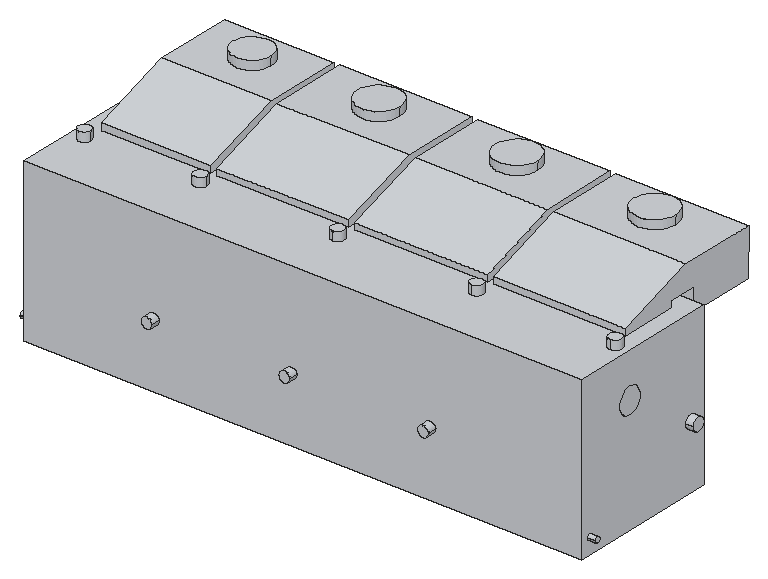
Revit family "a7c36f35d02d40f8828ec58f6e800a68", category Mechanical Equipment, Revit 2021
Family settings
  Round Connector Dimension = Use Radius
  Part Type = Normal
  OmniClass Number = 23.75.10.11.14.11
  OmniClass Title = Cast-Iron Boilers
  Seek Item ID = Gas Fired Boiler - Cast Iron - 1435-1560 MBH-0000-USA-ENU
  Work Plane-Based = No
  Always vertical = Yes
  Cut with Voids When Loaded = No
  Shared = No
  Room Calculation Point = No
Parameters (values of type "1435 MBH")
  Water Flow [instance] = 5.0 GPM
  Vent Radius 4 = 5"
  Vent Radius 3 = 5"
  Vent Radius 2 = 5"
  Vent Radius 1 = 4 1/2"
  Vent Length 4 = 1' - 7 3/4"
  Vent Length 3 = 2' - 8 5/8"
  Vent Length 2 = 2' - 8 5/8"
  Vent Length 1 = 2' - 5 7/8"
  Vent Diameter 4 = Vent Radius 4 * 2  # 10"
  Vent Diameter 3 = Vent Radius 3 * 2  # 10"
  Vent Diameter 1 = Vent Radius 1 * 2  # 9"
  Vent Diameter 2 = Vent Radius 2 * 2  # 10"
  Temperature Rise [instance] = 60 °F
  Supply Length 4 = 2' - 8 3/4"
  Supply Length 3 = 2' - 8 3/4"
  Supply Length 2 = 2' - 8 1/2"
  Supply Length 1 = 2' - 3 83/256"
  Water Pressure Drop [instance] = 11.00 psi
  Output Heat [instance] = 1435200 Btu/h
  Input Heat [instance] = 1794000.0 Btu/h
  Gas Radius = 5/8"
  Gas Flow [instance] = 0.9 GPM
  Gas Diameter = Gas Radius * 2  # 1 1/4"
  Hot Water Radius = 1 1/2"
  Hot Water Diameter = Hot Water Radius * 2  # 3"
  Exhaust Air Flow [instance] = 0 CFM
  Default Elevation = 0' - 0"
  Cold Water Radius = 1 1/2"
  Cold Water Diameter = Cold Water Radius * 2  # 3"
  Drafthood Length 4 = 2' - 7 51/256"
  Drafthood Length 3 = 2' - 7 51/256"
  Drafthood Length 2 = 2' - 7 51/256"
  Drafthood Length 1 = 2' - 1 205/256"
  Boiler Material = none
  Boiler Length = 10' - 11 3/4"
  BHP [instance] = 42.34
  Hot Water Radius 3 = 1 1/2"
  Hot Water Radius 2 = Hot Water Radius 1  # 1 1/2"
  Hot Water Radius 1 = 1 1/2"
  Hot Water Diameter 3 = Hot Water Radius 3 * 2  # 3"
  Hot Water Diameter 2 = Hot Water Radius 2 * 2  # 3"
  Hot Water Diameter 1 = Hot Water Radius 1 * 2  # 3"
  Cold Water Radius 3 = 1 1/4"
  Cold Water Radius 2 = Cold Water Radius 1  # 1 1/4"
  Cold Water Radius 1 = 1 1/4"
  Cold Water Diameter 3 = Cold Water Radius 3 * 2  # 2 1/2"
  Cold Water Diameter 2 = Cold Water Radius 2 * 2  # 2 1/2"
  Cold Water Diameter 1 = Cold Water Radius 1 * 2  # 2 1/2"
Types (3): name | Vent Radius 2 | Vent Radius 1 | Vent Length 2 | Vent Length 1 | Vent Diameter 1 | Vent Diameter 2 | Supply Length 2 | Supply Length 1 | Output Heat | Input Heat | Drafthood Length 2 | Drafthood Length 1 | Boiler Length | BHP
  (no name) | 5" | 4 1/2" | 2' - 8 5/8" | 2' - 5 7/8" | 9" | 10" | 2' - 8 1/2" | 2' - 3 83/256" | 1435200 Btu/h | 1794000.0 Btu/h | 2' - 7 51/256" | 2' - 1 205/256" | 10' - 11 3/4" | 42.34
  1435 MBH | 5" | 4 1/2" | 2' - 8 5/8" | 2' - 5 7/8" | 9" | 10" | 2' - 8 1/2" | 2' - 3 83/256" | 1435200 Btu/h | 1794000.0 Btu/h | 2' - 7 51/256" | 2' - 1 205/256" | 10' - 11 3/4" | 42.34
  1560 MBH | 6" | 5" | 2' - 11 3/8" | 2' - 11 3/8" | 10" | 12" | 3' - 2" | 2' - 8 3/4" | 1560000 Btu/h | 1950000.0 Btu/h | 3' - 0 77/128" | 2' - 7 51/256" | 11' - 10 3/4" | 46.02
Reference planes (in)
  plane 1 "Center (Front/Back)": y = 0
  plane 2: z = 0
  plane 3 "Center (Left/Right)": x = 0
  plane 4: x = 131.75
  plane 5: y = 36
  plane 6: z = 38
  plane 7: z = 4
  plane 8: y = 2
  plane 9: x = -2
  plane 10: y = 31.8125
  plane 11: z = 15.375
  plane 12: x = 3.25
  plane 13: y = 13.75
  plane 14: z = 40
  plane 15: x = 30.57422
  plane 16: x = 112
  plane 17: z = 27.5
  plane 18: y = 14
  plane 19: y = 54.1875
  plane 20: z = 34.1875
  plane 21: z = 45.4375
  plane 22: y = 38
  plane 23: y = 31.4375
  plane 24: y = 18
  plane 25: z = 39.5
  plane 26: y = 35.75
  plane 27: y = 46.1875
  plane 28: z = 47.4375
  plane 29: x = 133.75
  plane 30: y = -2
  plane 31: x = 96.40039
  plane 32: x = 127.59961
  plane 33: x = 95.82422
  plane 34: x = 128.57422
  plane 35: x = 79.375
  plane 36: x = 63.77539
  plane 37: x = 94.97461
  plane 38: x = 46.75
  plane 39: x = 31.15039
  plane 40: x = 62.34961
  plane 41: x = 16.875
  plane 42: x = 3.97461
  plane 43: x = 29.77539
  plane 44: x = 63.07422
  plane 45: x = 95.82422
Forms (in)
  Extrusion 1, solid, material <- "Boiler Material"
    sketch origin (0, 0, 0) x (1, 0, 0) y (0, 1, 0)
      loop
        line (0, 36) -> (0, 0) -> (131.75, 0) -> (131.75, 36) -> (0, 36)
    from 0 to 38
  Extrusion 2, solid, material <- "Boiler Material"
    sketch origin (0, 0, 0) x (0, 1, 0) y (0, 0, 1)
      loop
        circle (2, 4) r 0.625
    from 0 to -2
  Extrusion 3, solid, material <- "Boiler Material"
    sketch origin (0, 0, 0) x (0, 1, 0) y (0, 0, 1)
      loop
        circle (31.8125, 15.375) r 1.5
    from 0 to -2
  Extrusion 4, solid, material <- "Boiler Material"
    sketch origin (0, 0, 0) x (1, 0, 0) y (0, 1, 0)
      loop
        circle (3.25, 13.75) r 1.5
    from 38 to 40
  Extrusion 5, solid, material <- "Boiler Material"
    sketch origin (0, 0, 0) x (1, 0, 0) y (0, 1, 0)
      loop
        circle (30.57422, 13.75) r 1.5
    from 38 to 40
  Extrusion 6, solid, material <- "Boiler Material"
    sketch origin (0, 0, 0) x (0, 1, 0) y (0, 0, 1)
      loop
        circle (14, 27.5) r 3
    from 0 to 112
  Extrusion 7, solid, material <- "Boiler Material", detail levels fine
    sketch origin (0, 0, 0) x (0, 1, 0) y (0, 0, 1)
      loop
        line (18, 38) -> (31.4375, 38) -> (31.4375, 39.5) -> (38, 39.5) -> (38, 34.1875) -> (54.1875, 34.1875) -> (54.1875, 45.4375) -> (35.75, 45.4375) -> (18, 39.5) -> (18, 38)
    from 96.40039 to 127.59961
  Extrusion 8, solid, material <- "Boiler Material"
    sketch origin (0, 0, 0) x (1, 0, 0) y (0, 1, 0)
      loop
        circle (112, 46.1875) r 5
    from 45.4375 to 47.4375
  Extrusion 9, solid, material <- "Boiler Material"
    sketch origin (34, 0, 0) x (0, 1, 0) y (0, 0, -1)
      loop
        circle (31.8125, -15.375) r 1.5
    from -97.75 to -99.75
  Extrusion 10, solid, material <- "Boiler Material"
    sketch origin (44.75, 0, 0) x (0, 1, 0) y (0, 0, -1)
      loop
        circle (14, -27.5) r 3
    from -87 to -67.25
  Extrusion 11, solid, material <- "Boiler Material"
    sketch origin (0, 0, 0) x (1, 0, 0) y (0, 0, 1)
      loop
        circle (30.57422, 15.375) r 1.25
    from 0 to 2
  Extrusion 12, solid, material <- "Boiler Material"
    sketch origin (0, 57.68752, 4) x (0, 1, 0) y (-1, 0, 0)
      loop
        circle (-43.93752, -63.07422) r 1.5
    from 34 to 36
  Extrusion 13, solid, material <- "Boiler Material"
    sketch origin (84.39844, 0, 0) x (0, 1, 0) y (0, 0, -1)
      loop
        circle (2, -4) r 0.625
    from -47.35156 to -49.35156
  Extrusion 14, solid, material <- "Boiler Material", detail levels fine
    sketch origin (115.5, 0, 0) x (0, 1, 0) y (0, 0, -1)
      loop
        line (18, -38) -> (18, -39.5) -> (35.75, -45.4375) -> (54.1875, -45.4375) -> (54.1875, -34.1875) -> (38, -34.1875) -> (38, -39.5) -> (31.4375, -39.5) -> (31.4375, -38) -> (18, -38)
    from 20.52539 to 51.72461
  Extrusion 15, solid, material <- "Boiler Material"
    sketch origin (115.5, 0, 0) x (-1, 0, 0) y (0, -1, 0)
      loop
        circle (36.125, -46.1875) r 5
    from 45.4375 to 47.4375
  Extrusion 16, solid, material <- "Boiler Material", detail levels fine
    sketch origin (-55.94922, 0, 0) x (0, 1, 0) y (0, 0, 1)
      loop
        line (18, 38) -> (31.4375, 38) -> (31.4375, 39.5) -> (38, 39.5) -> (38, 34.1875) -> (54.1875, 34.1875) -> (54.1875, 45.4375) -> (35.75, 45.4375) -> (18, 39.5) -> (18, 38)
    from 87.09961 to 118.29883
  Extrusion 17, solid, material <- "Boiler Material"
    sketch origin (-55.94922, 0, 0) x (1, 0, 0) y (0, 1, 0)
      loop
        circle (102.69922, 46.1875) r 5
    from 45.4375 to 47.4375
  Extrusion 18, solid, material <- "Boiler Material"
    sketch origin (0, 0, 0) x (1, 0, 0) y (0, 0, 1)
      loop
        circle (63.07422, 15.375) r 1.25
    from 0 to 2
  Extrusion 19, solid, material <- "Boiler Material"
    sketch origin (0, 57.68752, 4) x (0, 1, 0) y (-1, 0, 0)
      loop
        circle (-43.93752, -95.82422) r 1.5
    from 34 to 36
  Extrusion 20, solid, material <- "Boiler Material", detail levels fine
    sketch origin (82.75, 0, 0) x (0, 1, 0) y (0, 0, -1)
      loop
        line (18, -38) -> (18, -39.5) -> (35.75, -45.4375) -> (54.1875, -45.4375) -> (54.1875, -34.1875) -> (38, -34.1875) -> (38, -39.5) -> (31.4375, -39.5) -> (31.4375, -38) -> (18, -38)
    from 52.97461 to 78.77539
  Extrusion 21, solid, material <- "Boiler Material"
    sketch origin (82.75, 0, 0) x (-1, 0, 0) y (0, -1, 0)
      loop
        circle (65.875, -46.1875) r 4.5
    from 45.4375 to 47.4375
  Extrusion 22, solid, material <- "Boiler Material"
    sketch origin (0, 0, 0) x (1, 0, 0) y (0, 0, 1)
      loop
        circle (95.82422, 15.375) r 1.25
    from 0 to 2
  Extrusion 23, solid, material <- "Boiler Material"
    sketch origin (0, 57.68752, 4) x (0, 1, 0) y (-1, 0, 0)
      loop
        circle (-43.93752, -128.57422) r 1.5
    from 34 to 36
  Extrusion 24, solid, material <- "Boiler Material", detail levels coarse+medium
    sketch origin (0, 57.68752, 4) x (0, 1, 0) y (-1, 0, 0)
      loop
        line (-3.50002, -3.97461) -> (-21.68752, -3.97461) -> (-21.68752, -127.59961) -> (-3.50002, -127.59961) -> (-3.50002, -3.97461)
    from 30.1875 to 41.4375
  Extrusion 25, solid, material <- "Boiler Material", detail levels coarse+medium
    sketch origin (0, 57.68752, 4) x (0, 1, 0) y (-1, 0, 0)
      loop
        line (-21.68752, -3.97461) -> (-39.68752, -3.97461) -> (-39.68752, -127.59961) -> (-21.68752, -127.59961) -> (-21.68752, -3.97461)
    from 34 to 41.4375
  Extrusion 26, solid, material <- "Boiler Material", detail levels fine
    sketch origin (0, 0, 0) x (1, 0, 0) y (0, 0, 1)
      loop
        circle (30.57422, 15.375) r 1.25
      loop
        circle (63.07422, 15.375) r 1.25
      loop
        circle (95.82422, 15.375) r 1.25
    from 0 to 2
  Extrusion 27, solid, material <- "Boiler Material", detail levels fine
    sketch origin (63.07422, 0, 0) x (0, 1, 0) y (0, 0, 1)
      loop
        circle (31.8125, 15.375) r 1.5
      loop
        circle (2, 4) r 0.625
    from -65.07422 to -63.07422
  Extrusion 28, solid, material <- "Boiler Material", detail levels fine
    sketch origin (63.07422, 0, 0) x (0, 1, 0) y (0, 0, 1)
      loop
        circle (31.8125, 15.375) r 1.5
      loop
        circle (2, 4) r 0.625
    from 70.67578 to 68.67578
Cuts and joins
  joined: Extrusion 7, Extrusion 14, Extrusion 16, Extrusion 20
  joined: Extrusion 1, Extrusion 4, Extrusion 5, Extrusion 8, Extrusion 12, Extrusion 15, Extrusion 17, Extrusion 19, Extrusion 21, Extrusion 23
  joined: Extrusion 2, Extrusion 3, Extrusion 9, Extrusion 11, Extrusion 13, Extrusion 18, Extrusion 22
  joined: Extrusion 24, Extrusion 25
Lines and regions (in)
  model lines, detail levels coarse+medium
    curve 1: line (0, 2, 4) -> (-2, 2, 4)
    curve 2: line (0, 31.8125, 15.375) -> (-2, 31.8125, 15.375)
    curve 3: line (133.75, 31.8125, 15.375) -> (131.75, 31.8125, 15.375)
    curve 5: line (131.75, 2, 4) -> (133.75, 2, 4)
    curve 6: line (30.57422, 0, 15.375) -> (30.57422, -2, 15.375)
    curve 10: line (95.82422, 0, 15.375) -> (95.82422, -2, 15.375)
    curve 11: line (63.07422, 0, 15.375) -> (63.07422, -2, 15.375)
  model lines, detail levels coarse
    curve 4: line (112, 46.1875, 45.4375) -> (112, 46.1875, 47.4375)
    curve 7: line (79.375, 46.1875, 45.4375) -> (79.375, 46.1875, 47.4375)
    curve 8: line (46.75, 46.1875, 45.4375) -> (46.75, 46.1875, 47.4375)
    curve 9: line (16.875, 46.1875, 45.4375) -> (16.875, 46.1875, 47.4375)
  symbolic lines, detail levels fine
    curve 12: line (-2, 33.3125, 4) -> (0, 33.3125, 4)
    curve 13: line (-2, 30.3125, 4) -> (0, 30.3125, 4)
    curve 14: line (-2, 33.3125, 4) -> (-2, 30.3125, 4)
    curve 15: line (-2, 2.625, 4) -> (0, 2.625, 4)
    curve 16: line (0, 1.375, 4) -> (-2, 1.375, 4)
    curve 17: line (-2, 2.625, 4) -> (-2, 1.375, 4)
    curve 18: line (29.32422, 0, 4) -> (29.32422, -2, 4)
    curve 19: line (31.82422, 0, 4) -> (31.82422, -2, 4)
    curve 20: line (29.32422, -2, 4) -> (31.82422, -2, 4)
    curve 21: line (61.82422, 0, 4) -> (61.82422, -2, 4)
    curve 22: line (64.32422, 0, 4) -> (64.32422, -2, 4)
    curve 23: line (61.82422, -2, 4) -> (64.32422, -2, 4)
    curve 24: line (97.07422, 0, 4) -> (97.07422, -2, 4)
    curve 25: line (94.57422, -2, 4) -> (94.57422, 0, 4)
    curve 26: line (94.57422, -2, 4) -> (97.07422, -2, 4)
    curve 27: line (133.75, 2.625, 4) -> (131.75, 2.625, 4)
    curve 28: line (133.75, 2.625, 4) -> (133.75, 1.375, 4)
    curve 29: line (133.75, 1.375, 4) -> (131.75, 1.375, 4)
    curve 30: line (131.75, 33.3125, 4) -> (133.75, 33.3125, 4)
    curve 31: line (133.75, 33.3125, 4) -> (133.75, 30.3125, 4)
    curve 32: line (133.75, 30.3125, 4) -> (131.75, 30.3125, 4)
Dimensions and locks (in)
  locked: plane 6 to plane 2 at 38
  locked: plane 5 to plane 1 "Center (Front/Back)" at 36
  "Boiler Length": plane 4 to plane 3 "Center (Left/Right)"
  locked: plane 7 to plane 2 at 4
  locked: plane 8 to plane 1 "Center (Front/Back)" at 2
  locked: plane 3 "Center (Left/Right)" to plane 9 at 2
  locked: plane 5 to plane 10 at 4.1875
  locked: plane 11 to plane 2 at 15.375
  locked: plane 13 to plane 1 "Center (Front/Back)" at 13.75
  locked: plane 14 to plane 6 at 2
  "Supply Length 1": plane 15 to plane 12
  "Vent Length 4": plane 4 to plane 16
  locked: plane 17 to plane 2 at 27.5
  locked: plane 18 to plane 1 "Center (Front/Back)" at 14
  locked: plane 19 to plane 1 "Center (Front/Back)" at 54.1875
  locked: plane 20 to plane 2 at 34.1875
  locked: plane 21 to plane 20 at 11.25
  locked: plane 19 to plane 22 at 16.1875
  locked: plane 22 to plane 23 at 6.5625
  locked: plane 23 to plane 24 at 13.4375
  locked: plane 25 to plane 6 at 1.5
  locked: plane 26 to plane 24 at 17.75
  locked: plane 27 to plane 1 "Center (Front/Back)" at 46.1875
  locked: plane 28 to plane 21 at 2
  locked: plane 29 to plane 4 at 2
  locked: plane 1 "Center (Front/Back)" to plane 30 at 2
  "Drafthood Length 4": plane 32 to plane 31
  equal spacing: plane 32, plane 16, plane 31
  "Supply Length 4": plane 34 to plane 33
  "Vent Length 3": plane 16 to plane 35
  "Drafthood Length 3": plane 37 to plane 36
  equal spacing: plane 37, plane 35, plane 36
  "Vent Length 2": plane 38 to plane 35
  "Drafthood Length 2": plane 40 to plane 39
  equal spacing: plane 40, plane 38, plane 39
  "Vent Length 1": plane 41 to plane 38
  "Drafthood Length 1": plane 43 to plane 42
  equal spacing: plane 43, plane 41, plane 42
  "Supply Length 2": plane 44 to plane 15
  "Supply Length 3": plane 45 to plane 44
  locked: plane 12 to plane 3 "Center (Left/Right)" at 3.25
  "Gas Radius": radius of Extrusion 2 sketch curve
  "Cold Water Radius": radius of Extrusion 3 sketch curve
  "Hot Water Radius": radius of Extrusion 4 sketch curve
  "Hot Water Radius 1": radius of Extrusion 5 sketch curve
  radius of Extrusion 6 sketch curve = 0' - 3"
  "Vent Radius 4": radius of Extrusion 8 sketch curve
  "Cold Water Radius": radius of Extrusion 9 sketch curve
  radius of Extrusion 10 sketch curve = 0' - 3"
  "Cold Water Radius 1": radius of Extrusion 11 sketch curve
  "Hot Water Radius 2": radius of Extrusion 12 sketch curve
  "Gas Radius": radius of Extrusion 13 sketch curve
  "Vent Radius 3": radius of Extrusion 15 sketch curve
  "Vent Radius 2": radius of Extrusion 17 sketch curve
  "Cold Water Radius 2": radius of Extrusion 18 sketch curve
  "Hot Water Radius 3": radius of Extrusion 19 sketch curve
  "Vent Radius 1": radius of Extrusion 21 sketch curve
  "Cold Water Radius 3": radius of Extrusion 22 sketch curve
  "Hot Water Radius": radius of Extrusion 23 sketch curve
  "Cold Water Radius 3": radius of Extrusion 26 sketch curve
  "Cold Water Radius 2": radius of Extrusion 26 sketch curve
  "Cold Water Radius 1": radius of Extrusion 26 sketch curve
  "Cold Water Radius": radius of Extrusion 27 sketch curve
  "Gas Radius": radius of Extrusion 27 sketch curve
  "Cold Water Radius": radius of Extrusion 28 sketch curve
  "Gas Radius": radius of Extrusion 28 sketch curve
  aligned and locked: Extrusion 1 to plane 5
  aligned and locked: plane 1 "Center (Front/Back)" to Extrusion 1
  aligned and locked: Extrusion 1 to plane 3 "Center (Left/Right)"
  aligned and locked: plane 4 to Extrusion 1
  aligned and locked: plane 6 to Extrusion 1
  aligned and locked: Extrusion 1 to plane 2
  aligned and locked: plane 8 to Extrusion 2 sketch curve
  aligned and locked: plane 7 to Extrusion 2 sketch curve
  aligned and locked: Extrusion 2 to plane 9
  aligned and locked: plane 3 "Center (Left/Right)" to Extrusion 2
  aligned and locked: plane 10 to Extrusion 3 sketch curve
  aligned and locked: plane 11 to Extrusion 3 sketch curve
  aligned and locked: Extrusion 3 to plane 9
  aligned and locked: plane 3 "Center (Left/Right)" to Extrusion 3
  aligned and locked: plane 13 to Extrusion 4 sketch curve
  aligned and locked: plane 12 to Extrusion 4 sketch curve
  aligned and locked: plane 14 to Extrusion 4
  aligned and locked: Extrusion 4 to plane 6
  aligned and locked: plane 15 to Extrusion 5 sketch curve
  aligned and locked: plane 13 to Extrusion 5 sketch curve
  aligned and locked: plane 14 to Extrusion 5
  aligned and locked: Extrusion 5 to plane 6
  aligned and locked: plane 18 to Extrusion 6 sketch curve
  aligned and locked: plane 17 to Extrusion 6 sketch curve
  aligned and locked: Extrusion 6 to plane 3 "Center (Left/Right)"
  aligned and locked: plane 16 to Extrusion 6
  aligned and locked: plane 21 to Extrusion 7
  aligned and locked: Extrusion 7 to plane 19
  aligned and locked: Extrusion 7 to plane 20
  aligned and locked: plane 22 to Extrusion 7
  aligned and locked: Extrusion 7 to plane 25
  aligned and locked: Extrusion 7 to plane 23
  aligned and locked: Extrusion 7 to plane 6
  aligned and locked: plane 24 to Extrusion 7
  aligned and locked: plane 16 to Extrusion 8 sketch curve
  aligned and locked: plane 27 to Extrusion 8 sketch curve
  aligned and locked: plane 21 to Extrusion 8
  aligned and locked: plane 28 to Extrusion 8  (x2)
  aligned and locked: plane 29 to Extrusion 9
  aligned and locked: Extrusion 9 to plane 4
  aligned and locked: plane 10 to Extrusion 9 sketch curve
  aligned and locked: plane 11 to Extrusion 9 sketch curve
  aligned and locked: Extrusion 10 to plane 16
  aligned and locked: plane 4 to Extrusion 10
  aligned and locked: plane 18 to Extrusion 10 sketch curve
  aligned and locked: plane 17 to Extrusion 10 sketch curve
  aligned and locked: plane 3 "Center (Left/Right)" to curve 1
  aligned and locked: plane 9 to curve 1
  aligned and locked: plane 7 to curve 1
  aligned and locked: plane 3 "Center (Left/Right)" to curve 2
  aligned and locked: plane 9 to curve 2
  aligned and locked: curve 2 to plane 10
  aligned and locked: plane 4 to curve 3
  aligned and locked: plane 29 to curve 3
  aligned and locked: curve 3 to plane 10
  aligned and locked: curve 4 to plane 28
  aligned and locked: plane 16 to curve 4
  aligned and locked: plane 15 to Extrusion 11 sketch curve
  aligned and locked: plane 11 to Extrusion 11 sketch curve
  aligned and locked: plane 30 to Extrusion 11
  aligned and locked: plane 13 to Extrusion 12 sketch curve
  aligned and locked: plane 14 to Extrusion 12
  aligned and locked: Extrusion 12 to plane 6
  aligned and locked: Extrusion 13 to plane 4
  aligned and locked: plane 29 to Extrusion 13
  aligned and locked: plane 7 to Extrusion 13 sketch curve
  aligned and locked: plane 8 to Extrusion 13 sketch curve
  aligned and locked: curve 6 to plane 15
  aligned and locked: plane 30 to curve 6
  aligned and locked: plane 4 to curve 5
  aligned and locked: plane 29 to curve 5
  aligned and locked: plane 8 to curve 5
  aligned and locked: plane 32 to Extrusion 7
  aligned and locked: Extrusion 7 to plane 31
  aligned and locked: plane 27 to Extrusion 15 sketch curve
  aligned and locked: plane 27 to Extrusion 17 sketch curve
  aligned and locked: plane 11 to Extrusion 18 sketch curve
  aligned and locked: plane 30 to Extrusion 18
  aligned and locked: Extrusion 11 to plane 1 "Center (Front/Back)"
  aligned and locked: plane 13 to Extrusion 19 sketch curve
  aligned and locked: plane 33 to Extrusion 19 sketch curve
  aligned and locked: Extrusion 19 to plane 6
  aligned and locked: plane 14 to Extrusion 19
  aligned and locked: curve 6 to plane 11
  aligned and locked: plane 37 to Extrusion 14
  aligned and locked: Extrusion 14 to plane 36
  aligned and locked: curve 7 to plane 35
  aligned and locked: plane 35 to Extrusion 15 sketch curve
  aligned and locked: plane 44 to Extrusion 18 sketch curve
  aligned and locked: plane 40 to Extrusion 16
  aligned and locked: Extrusion 16 to plane 39
  aligned and locked: curve 8 to plane 38
  aligned and locked: plane 38 to Extrusion 17 sketch curve
  aligned and locked: plane 43 to Extrusion 20
  aligned and locked: Extrusion 20 to plane 42
  aligned and locked: curve 9 to plane 41
  aligned and locked: plane 41 to Extrusion 21 sketch curve
  aligned and locked: plane 28 to Extrusion 21
  aligned and locked: Extrusion 21 to plane 21
  aligned and locked: plane 28 to Extrusion 17
  aligned and locked: Extrusion 17 to plane 21
  aligned and locked: plane 28 to Extrusion 15
  aligned and locked: plane 21 to Extrusion 15
  aligned and locked: plane 45 to Extrusion 22 sketch curve
  aligned and locked: plane 11 to Extrusion 22 sketch curve
  aligned and locked: plane 34 to Extrusion 23 sketch curve
  aligned and locked: plane 13 to Extrusion 23 sketch curve
  aligned and locked: plane 14 to Extrusion 23
  aligned and locked: plane 6 to Extrusion 23
  aligned and locked: plane 30 to Extrusion 22
  aligned and locked: Extrusion 18 to plane 1 "Center (Front/Back)"
  aligned and locked: curve 10 to plane 11
  aligned and locked: plane 1 "Center (Front/Back)" to curve 10
  aligned and locked: plane 30 to curve 10
  aligned and locked: curve 11 to plane 11
  aligned and locked: plane 1 "Center (Front/Back)" to curve 11
  aligned and locked: plane 30 to curve 11
  aligned and locked: curve 12 to cut or joined group of Extrusion 2, Extrusion 3, Extrusion 9, Extrusion 11, Extrusion 13, Extrusion 18, Extrusion 22
  aligned and locked: cut or joined group of Extrusion 2, Extrusion 3, Extrusion 9, Extrusion 11, Extrusion 13, Extrusion 18, Extrusion 22 to curve 12
  aligned and locked: curve 13 to cut or joined group of Extrusion 2, Extrusion 3, Extrusion 9, Extrusion 11, Extrusion 13, Extrusion 18, Extrusion 22
  aligned and locked: cut or joined group of Extrusion 2, Extrusion 3, Extrusion 9, Extrusion 11, Extrusion 13, Extrusion 18, Extrusion 22 to curve 13
  aligned and locked: curve 15 to cut or joined group of Extrusion 2, Extrusion 3, Extrusion 9, Extrusion 11, Extrusion 13, Extrusion 18, Extrusion 22
  aligned and locked: cut or joined group of Extrusion 2, Extrusion 3, Extrusion 9, Extrusion 11, Extrusion 13, Extrusion 18, Extrusion 22 to curve 15
  aligned and locked: cut or joined group of Extrusion 2, Extrusion 3, Extrusion 9, Extrusion 11, Extrusion 13, Extrusion 18, Extrusion 22 to curve 16
  aligned and locked: curve 16 to cut or joined group of Extrusion 2, Extrusion 3, Extrusion 9, Extrusion 11, Extrusion 13, Extrusion 18, Extrusion 22
  aligned and locked: curve 18 to cut or joined group of Extrusion 2, Extrusion 3, Extrusion 9, Extrusion 11, Extrusion 13, Extrusion 18, Extrusion 22
  aligned and locked: cut or joined group of Extrusion 2, Extrusion 3, Extrusion 9, Extrusion 11, Extrusion 13, Extrusion 18, Extrusion 22 to curve 18
  aligned and locked: curve 19 to cut or joined group of Extrusion 2, Extrusion 3, Extrusion 9, Extrusion 11, Extrusion 13, Extrusion 18, Extrusion 22
  aligned and locked: cut or joined group of Extrusion 2, Extrusion 3, Extrusion 9, Extrusion 11, Extrusion 13, Extrusion 18, Extrusion 22 to curve 19
  aligned and locked: curve 21 to cut or joined group of Extrusion 2, Extrusion 3, Extrusion 9, Extrusion 11, Extrusion 13, Extrusion 18, Extrusion 22
  aligned and locked: cut or joined group of Extrusion 2, Extrusion 3, Extrusion 9, Extrusion 11, Extrusion 13, Extrusion 18, Extrusion 22 to curve 21
  aligned and locked: curve 22 to cut or joined group of Extrusion 2, Extrusion 3, Extrusion 9, Extrusion 11, Extrusion 13, Extrusion 18, Extrusion 22
  aligned and locked: cut or joined group of Extrusion 2, Extrusion 3, Extrusion 9, Extrusion 11, Extrusion 13, Extrusion 18, Extrusion 22 to curve 22
  aligned and locked: curve 24 to cut or joined group of Extrusion 2, Extrusion 3, Extrusion 9, Extrusion 11, Extrusion 13, Extrusion 18, Extrusion 22
  aligned and locked: cut or joined group of Extrusion 2, Extrusion 3, Extrusion 9, Extrusion 11, Extrusion 13, Extrusion 18, Extrusion 22 to curve 24
  aligned and locked: cut or joined group of Extrusion 2, Extrusion 3, Extrusion 9, Extrusion 11, Extrusion 13, Extrusion 18, Extrusion 22 to curve 25
  aligned and locked: curve 25 to cut or joined group of Extrusion 2, Extrusion 3, Extrusion 9, Extrusion 11, Extrusion 13, Extrusion 18, Extrusion 22
  aligned and locked: cut or joined group of Extrusion 2, Extrusion 3, Extrusion 9, Extrusion 11, Extrusion 13, Extrusion 18, Extrusion 22 to curve 27
  aligned and locked: curve 27 to cut or joined group of Extrusion 2, Extrusion 3, Extrusion 9, Extrusion 11, Extrusion 13, Extrusion 18, Extrusion 22
  aligned and locked: curve 29 to cut or joined group of Extrusion 2, Extrusion 3, Extrusion 9, Extrusion 11, Extrusion 13, Extrusion 18, Extrusion 22
  aligned and locked: curve 30 to cut or joined group of Extrusion 2, Extrusion 3, Extrusion 9, Extrusion 11, Extrusion 13, Extrusion 18, Extrusion 22
  aligned and locked: cut or joined group of Extrusion 2, Extrusion 3, Extrusion 9, Extrusion 11, Extrusion 13, Extrusion 18, Extrusion 22 to curve 30
  aligned and locked: curve 32 to cut or joined group of Extrusion 2, Extrusion 3, Extrusion 9, Extrusion 11, Extrusion 13, Extrusion 18, Extrusion 22
  aligned and locked: Extrusion 24 sketch curve to cut or joined group of Extrusion 7, Extrusion 14, Extrusion 16, Extrusion 20  (x2)
  aligned and locked: cut or joined group of Extrusion 1, Extrusion 4, Extrusion 5, Extrusion 8, Extrusion 12, Extrusion 15, Extrusion 17, Extrusion 19, Extrusion 21, Extrusion 23 to Extrusion 24 sketch curve
  aligned and locked: Extrusion 24 sketch curve to plane 32
  aligned and locked: Extrusion 24 to Extrusion 25 sketch curve
  aligned and locked: Extrusion 25 sketch curve to Extrusion 24
  aligned and locked: Extrusion 25 sketch curve to cut or joined group of Extrusion 7, Extrusion 14, Extrusion 16, Extrusion 20  (x2)
  aligned and locked: Extrusion 24 to curve 4
  aligned and locked: Extrusion 24 to cut or joined group of Extrusion 7, Extrusion 14, Extrusion 16, Extrusion 20
  aligned and locked: Extrusion 25 to curve 4
  aligned and locked: Extrusion 25 to cut or joined group of Extrusion 7, Extrusion 14, Extrusion 16, Extrusion 20
  aligned and locked: plane 15 to Extrusion 26 sketch curve
  aligned and locked: plane 11 to Extrusion 26 sketch curve  (x3)
  aligned and locked: plane 44 to Extrusion 26 sketch curve
  aligned and locked: plane 45 to Extrusion 26 sketch curve
  aligned and locked: Extrusion 26 to plane 1 "Center (Front/Back)"
  aligned and locked: plane 30 to Extrusion 26
  aligned and locked: plane 10 to Extrusion 27 sketch curve
  aligned and locked: plane 11 to Extrusion 27 sketch curve
  aligned and locked: plane 8 to Extrusion 27 sketch curve
  aligned and locked: plane 7 to Extrusion 27 sketch curve
  aligned and locked: plane 10 to Extrusion 28 sketch curve
  aligned and locked: plane 11 to Extrusion 28 sketch curve
  aligned and locked: plane 8 to Extrusion 28 sketch curve
  aligned and locked: plane 7 to Extrusion 28 sketch curve
  aligned and locked: plane 29 to Extrusion 28
  aligned and locked: Extrusion 28 to plane 4
  aligned and locked: Extrusion 27 to plane 9
  aligned and locked: plane 3 "Center (Left/Right)" to Extrusion 27
Automatic sketch dimensions
  Extrusion 1 sketch curve to plane 1 "Center (Front/Back)" = 0' - 0"
  Extrusion 1 sketch curve to plane 3 "Center (Left/Right)" = 0' - 0"
  Extrusion 1 sketch curve to plane 4 = 0' - 0"
  Extrusion 1 sketch curve to plane 5 = 0' - 0"
  Extrusion 7 sketch curve to plane 6 = 0' - 0"
  Extrusion 7 sketch curve to plane 24 = 0' - 0"
  Extrusion 7 sketch curve to plane 23 = 0' - 0"
  Extrusion 7 sketch curve to plane 21 = 0' - 0"
  Extrusion 7 sketch curve to plane 26 = 0' - 0"
  Extrusion 7 sketch curve to plane 20 = 0' - 0"
  Extrusion 7 sketch curve to plane 22 = 0' - 0"
  Extrusion 7 sketch curve to plane 19 = 0' - 0"
  Extrusion 7 sketch curve to plane 25 = 0' - 0"  (x2)
  curve 5 to plane 4 = 0' - 0"
  curve 5 to plane 7 = 0' - 0"
  curve 5 to plane 29 = 0' - 0"
  curve 2 to plane 3 "Center (Left/Right)" = 0' - 0"
  curve 2 to plane 9 = 0' - 0"
  curve 9 to plane 21 = 0' - 0"
  curve 9 to plane 28 = 0' - 0"
  curve 7 to plane 21 = 0' - 0"
  curve 8 to plane 21 = 0' - 0"
  curve 4 to plane 21 = 0' - 0"
  curve 8 to plane 28 = 0' - 0"
  curve 7 to plane 28 = 0' - 0"
  Extrusion 12 sketch curve to plane 44 = 0' - 0"
  curve 6 to plane 30 = 0' - 0"
  curve 6 to plane 1 "Center (Front/Back)" = 0' - 0"
  Extrusion 14 sketch curve to plane 6 = 0' - 0"
  Extrusion 14 sketch curve to plane 24 = 0' - 0"
  Extrusion 14 sketch curve to plane 23 = 0' - 0"
  Extrusion 14 sketch curve to plane 21 = 0' - 0"
  Extrusion 14 sketch curve to plane 26 = 0' - 0"
  Extrusion 14 sketch curve to plane 20 = 0' - 0"
  Extrusion 14 sketch curve to plane 22 = 0' - 0"
  Extrusion 14 sketch curve to plane 19 = 0' - 0"
  Extrusion 14 sketch curve to plane 25 = 0' - 0"  (x2)
  Extrusion 16 sketch curve to plane 6 = 0' - 0"
  Extrusion 16 sketch curve to plane 24 = 0' - 0"
  Extrusion 16 sketch curve to plane 23 = 0' - 0"
  Extrusion 16 sketch curve to plane 21 = 0' - 0"
  Extrusion 16 sketch curve to plane 26 = 0' - 0"
  Extrusion 16 sketch curve to plane 20 = 0' - 0"
  Extrusion 16 sketch curve to plane 22 = 0' - 0"
  Extrusion 16 sketch curve to plane 19 = 0' - 0"
  Extrusion 16 sketch curve to plane 25 = 0' - 0"  (x2)
  Extrusion 20 sketch curve to plane 6 = 0' - 0"
  Extrusion 20 sketch curve to plane 24 = 0' - 0"
  Extrusion 20 sketch curve to plane 23 = 0' - 0"
  Extrusion 20 sketch curve to plane 21 = 0' - 0"
  Extrusion 20 sketch curve to plane 26 = 0' - 0"
  Extrusion 20 sketch curve to plane 20 = 0' - 0"
  Extrusion 20 sketch curve to plane 22 = 0' - 0"
  Extrusion 20 sketch curve to plane 19 = 0' - 0"
  Extrusion 20 sketch curve to plane 25 = 0' - 0"  (x2)
  Extrusion 21 sketch curve to plane 27 = 0' - 0"
  plane 8 to curve 17 = 0' - 0 5/8"
  plane 8 to curve 29 = 0' - 0 5/8"
  curve 15 to plane 8 = 0' - 0 5/8"
  curve 28 to plane 8 = 0' - 0 5/8"
  plane 23 to curve 13 = 0' - 1 1/8"
  plane 23 to curve 32 = 0' - 1 1/8"
  curve 30 to plane 10 = 0' - 1 1/2"
  curve 14 to plane 10 = 0' - 1 1/2"
  plane 31 to curve 24 = 0' - 0.67383"
  curve 25 to plane 37 = 0' - 0.40039"
  plane 36 to curve 23 = 0' - 0.54883"
  curve 23 to plane 40 = 0' - 0.52539"
  plane 39 to curve 19 = 0' - 0.67383"
  curve 20 to plane 43 = 0' - 0.45117"
Connectors (in)
  piping at (3.25, 13.75, 40), diameter 3, driven by "Hot Water Radius", driven by "Water Flow", driven by "Water Pressure Drop"
    settings: on Extrusion 4, index 1, connector inside diameter 3", connector length 0' - 0", flow factor 0, pipe flow 5.0 GPM, pressure drop 11.00 psi, fitting loss kfactor 0, connector angle 0.00°, fixture units 0, engagement length 0' - 0", angle of deflection 0.00°, flow configuration 0, flow direction 2, fitting loss method 4, system type 7, joint type 0, gender type 0, connector reference index -1, connector utility 0, adjustable connector no, is connector primary yes, connector description "Hot Water Out"
  piping at (30.57422, 13.75, 40), diameter 3, driven by "Hot Water Radius 1", driven by "Water Flow", driven by "Water Pressure Drop"
    settings: on Extrusion 5, index 2, connector inside diameter 3", connector length 0' - 0", flow factor 0, pipe flow 5.0 GPM, pressure drop 11.00 psi, fitting loss kfactor 0, connector angle 0.00°, fixture units 0, engagement length 0' - 0", angle of deflection 0.00°, flow configuration 0, flow direction 2, fitting loss method 4, system type 7, joint type 0, gender type 0, connector reference index -1, connector utility 0, adjustable connector no, is connector primary no, connector description "Hot Water Out"
  piping at (63.07422, 13.75, 40), diameter 3, driven by "Hot Water Radius 2", driven by "Water Flow", driven by "Water Pressure Drop"
    settings: on Extrusion 12, index 3, connector inside diameter 3", connector length 0' - 0", flow factor 0, pipe flow 5.0 GPM, pressure drop 11.00 psi, fitting loss kfactor 0, connector angle 0.00°, fixture units 0, engagement length 0' - 0", angle of deflection 0.00°, flow configuration 0, flow direction 2, fitting loss method 4, system type 7, joint type 0, gender type 0, connector reference index -1, connector utility 0, adjustable connector no, is connector primary no, connector description "Hot Water Out"
  piping at (95.82422, 13.75, 40), diameter 3, driven by "Hot Water Radius 3", driven by "Water Flow", driven by "Water Pressure Drop"
    settings: on Extrusion 19, index 4, connector inside diameter 3", connector length 0' - 0", flow factor 0, pipe flow 5.0 GPM, pressure drop 11.00 psi, fitting loss kfactor 0, connector angle 0.00°, fixture units 0, engagement length 0' - 0", angle of deflection 0.00°, flow configuration 0, flow direction 2, fitting loss method 4, system type 7, joint type 0, gender type 0, connector reference index -1, connector utility 0, adjustable connector no, is connector primary no, connector description "Hot Water Out"
  piping at (128.57422, 13.75, 40), diameter 3, driven by "Hot Water Radius", driven by "Water Flow", driven by "Water Pressure Drop"
    settings: on Extrusion 23, index 5, connector inside diameter 3", connector length 0' - 0", flow factor 0, pipe flow 5.0 GPM, pressure drop 11.00 psi, fitting loss kfactor 0, connector angle 0.00°, fixture units 0, engagement length 0' - 0", angle of deflection 0.00°, flow configuration 0, flow direction 2, fitting loss method 4, system type 7, joint type 0, gender type 0, connector reference index -1, connector utility 0, adjustable connector no, is connector primary no, connector description "Hot Water Out"
  piping at (133.75, 31.8125, 15.375), diameter 3, driven by "Cold Water Radius", driven by "Water Flow"
    settings: on Extrusion 9, index 6, connector inside diameter 3", connector length 0' - 0", flow factor 0, pipe flow 5.0 GPM, pressure drop 0.00 psi, fitting loss kfactor 0, connector angle 0.00°, fixture units 0, engagement length 0' - 0", angle of deflection 0.00°, flow configuration 0, flow direction 1, fitting loss method 0, system type 8, joint type 0, gender type 0, connector reference index -1, connector utility 0, adjustable connector no, is connector primary no, connector description "Cold Water In"
  piping at (-2, 31.8125, 15.375), diameter 3, driven by "Cold Water Radius", driven by "Water Flow"
    settings: on Extrusion 3, index 7, connector inside diameter 3", connector length 0' - 0", flow factor 0, pipe flow 5.0 GPM, pressure drop 0.00 psi, fitting loss kfactor 0, connector angle 0.00°, fixture units 0, engagement length 0' - 0", angle of deflection 0.00°, flow configuration 0, flow direction 1, fitting loss method 0, system type 8, joint type 0, gender type 0, connector reference index -1, connector utility 0, adjustable connector no, is connector primary no, connector description "Cold Water In"
  piping at (30.57422, -2, 15.375), diameter 2.5, driven by "Cold Water Radius 1", driven by "Water Flow"
    settings: on Extrusion 11, index 8, connector inside diameter 2 1/2", connector length 0' - 0", flow factor 0, pipe flow 5.0 GPM, pressure drop 0.00 psi, fitting loss kfactor 0, connector angle 0.00°, fixture units 0, engagement length 0' - 0", angle of deflection 0.00°, flow configuration 0, flow direction 1, fitting loss method 0, system type 8, joint type 0, gender type 0, connector reference index -1, connector utility 0, adjustable connector no, is connector primary no, connector description "Cold Water In"
  piping at (63.07422, -2, 15.375), diameter 2.5, driven by "Cold Water Radius 2", driven by "Water Flow"
    settings: on Extrusion 18, index 9, connector inside diameter 2 1/2", connector length 0' - 0", flow factor 0, pipe flow 5.0 GPM, pressure drop 0.00 psi, fitting loss kfactor 0, connector angle 0.00°, fixture units 0, engagement length 0' - 0", angle of deflection 0.00°, flow configuration 0, flow direction 1, fitting loss method 0, system type 8, joint type 0, gender type 0, connector reference index -1, connector utility 0, adjustable connector no, is connector primary no, connector description "Cold Water In"
  piping at (95.82422, -2, 15.375), diameter 2.5, driven by "Water Flow", driven by "Cold Water Radius 3"
    settings: on Extrusion 22, index 10, connector inside diameter 2 1/2", connector length 0' - 0", flow factor 0, pipe flow 5.0 GPM, pressure drop 0.00 psi, fitting loss kfactor 0, connector angle 0.00°, fixture units 0, engagement length 0' - 0", angle of deflection 0.00°, flow configuration 0, flow direction 1, fitting loss method 0, system type 8, joint type 0, gender type 0, connector reference index -1, connector utility 0, adjustable connector no, is connector primary no, connector description "Cold Water In"
  piping at (-2, 2, 4), diameter 1.25, driven by "Gas Radius", driven by "Gas Flow"
    settings: on Extrusion 2, index 11, connector inside diameter 1 1/4", connector length 0' - 0", flow factor 0, pipe flow 0.9 GPM, pressure drop 0.00 psi, fitting loss kfactor 0, connector angle 0.00°, fixture units 0, engagement length 0' - 0", angle of deflection 0.00°, flow configuration 1, flow direction 1, fitting loss method 0, system type 22, joint type 0, gender type 0, connector reference index -1, connector utility 0, adjustable connector no, is connector primary no, connector description "Gas In"
  piping at (133.75, 2, 4), diameter 1.25, driven by "Gas Radius", driven by "Gas Flow"
    settings: on Extrusion 13, index 12, connector inside diameter 1 1/4", connector length 0' - 0", flow factor 0, pipe flow 0.9 GPM, pressure drop 0.00 psi, fitting loss kfactor 0, connector angle 0.00°, fixture units 0, engagement length 0' - 0", angle of deflection 0.00°, flow configuration 1, flow direction 1, fitting loss method 0, system type 22, joint type 0, gender type 0, connector reference index -1, connector utility 0, adjustable connector no, is connector primary no, connector description "Gas In"
  hvac at (16.875, 46.1875, 47.4375), driven by "Vent Radius 1", driven by "Exhaust Air Flow"
    settings: on Extrusion 21, index 13, duct flow 0 CFM, flow factor 0, pres drop 0.00 in-wg, loss coef 0, conn angle 0.00°, conn width 12", conn height 12", conn diameter 9", duct sys type 3, conn prof type 0, flow config 1, flow direction 2, loss method 0, conn ref index -1, conn util no, is conn primary yes, conn desc ""
  hvac at (46.75, 46.1875, 47.4375), driven by "Vent Radius 2", driven by "Exhaust Air Flow"
    settings: on Extrusion 17, index 14, duct flow 0 CFM, flow factor 0, pres drop 0.00 in-wg, loss coef 0, conn angle 0.00°, conn width 12", conn height 12", conn diameter 10", duct sys type 3, conn prof type 0, flow config 1, flow direction 2, loss method 0, conn ref index -1, conn util no, is conn primary no, conn desc ""
  hvac at (79.375, 46.1875, 47.4375), driven by "Vent Radius 3", driven by "Exhaust Air Flow"
    settings: on Extrusion 15, index 15, duct flow 0 CFM, flow factor 0, pres drop 0.00 in-wg, loss coef 0, conn angle 0.00°, conn width 12", conn height 12", conn diameter 10", duct sys type 3, conn prof type 0, flow config 1, flow direction 2, loss method 0, conn ref index -1, conn util no, is conn primary no, conn desc ""
  hvac at (112, 46.1875, 47.4375), driven by "Vent Radius 4", driven by "Exhaust Air Flow"
    settings: on Extrusion 8, index 16, duct flow 0 CFM, flow factor 0, pres drop 0.00 in-wg, loss coef 0, conn angle 0.00°, conn width 12", conn height 12", conn diameter 10", duct sys type 3, conn prof type 0, flow config 1, flow direction 2, loss method 0, conn ref index -1, conn util no, is conn primary no, conn desc ""
  piping at (0, 14, 27.5), diameter 1.5
    settings: on Extrusion 6, index 17, connector inside diameter 1 1/2", connector length 0' - 0", flow factor 0, pipe flow 0.0 GPM, pressure drop 0.00 psi, fitting loss kfactor 0, connector angle 0.00°, fixture units 0, engagement length 0' - 0", angle of deflection 0.00°, flow configuration 1, flow direction 2, fitting loss method 0, system type 16, joint type 0, gender type 0, connector reference index -1, connector utility 0, adjustable connector yes, is connector primary no, connector description "Drain Out"
  piping at (131.75, 14, 27.5), diameter 1.5
    settings: on Extrusion 10, index 18, connector inside diameter 1 1/2", connector length 0' - 0", flow factor 0, pipe flow 0.0 GPM, pressure drop 0.00 psi, fitting loss kfactor 0, connector angle 0.00°, fixture units 0, engagement length 0' - 0", angle of deflection 0.00°, flow configuration 1, flow direction 2, fitting loss method 0, system type 16, joint type 0, gender type 0, connector reference index -1, connector utility 0, adjustable connector yes, is connector primary no, connector description "Drain Out"
  electrical at (131.75, 18, 19)
    settings: on Extrusion 1, index 19, voltage 0 V, apparent load 0 VA, apparent load phase1 0 VA, apparent load phase2 0 VA, apparent load phase3 0 VA, power factor 1, load classification "Other", number of poles 1, system type 13, power factor state 1, is connector primary yes, connector utility no, sub classification motor no, connector description ""
